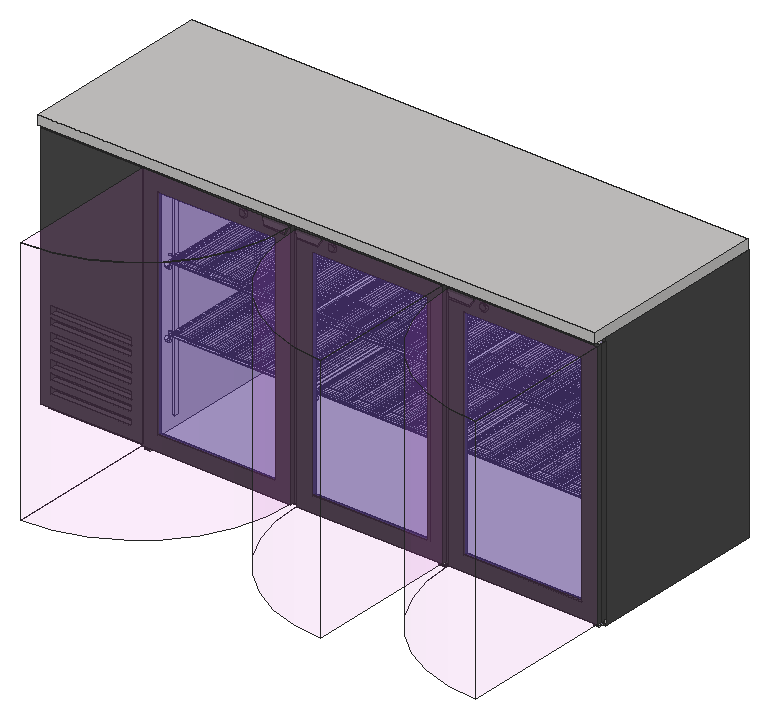
Revit family "QF_True_TBB24-72-3G-Z1-SFT-B-1_Glass_Swing_Door_Back_Bar", category Specialty Equipment, Revit 2021 (continued)
Definition of nested family "TBB24-72-3G-Z1-BST-B-1"
  Forms (in)
    Extrusion 198, solid
      from 4.97058 to 21.84523
    Extrusion 199, solid
      sketch origin (37.5051, 0, -8.5) x (1, 0, 0) y (0, 0, 1)
        loop
          circle (14.90115, 21.72801) r 0.03267
      from 4.97058 to 21.84523
    Extrusion 200, solid
      sketch origin (55.08845, 0, -8.5) x (1, 0, 0) y (0, 0, 1)
        loop
          circle (14.90115, 21.72801) r 0.03267
      from 4.97058 to 21.84523
    Extrusion 201, solid
      sketch origin (37.86394, 0, -8.5) x (1, 0, 0) y (0, 0, 1)
        loop
          circle (14.90115, 21.72801) r 0.03267
      from 4.97058 to 21.84523
    Extrusion 202, solid
      sketch origin (38.22279, 0, -8.5) x (1, 0, 0) y (0, 0, 1)
        loop
          circle (14.90115, 21.72801) r 0.03267
      from 4.97058 to 21.84523
    Extrusion 203, solid
      sketch origin (38.58163, 0, -8.5) x (1, 0, 0) y (0, 0, 1)
        loop
          circle (14.90115, 21.72801) r 0.03267
      from 4.97058 to 21.84523
    Extrusion 204, solid
      sketch origin (38.94047, 0, -8.5) x (1, 0, 0) y (0, 0, 1)
        loop
          circle (14.90115, 21.72801) r 0.03267
      from 4.97058 to 21.84523
    Extrusion 205, solid
      sketch origin (39.29932, 0, -8.5) x (1, 0, 0) y (0, 0, 1)
        loop
          circle (14.90115, 21.72801) r 0.03267
      from 4.97058 to 21.84523
    Extrusion 206, solid
      sketch origin (39.65816, 0, -8.5) x (1, 0, 0) y (0, 0, 1)
        loop
          circle (14.90115, 21.72801) r 0.03267
      from 4.97058 to 21.84523
    Extrusion 207, solid
      sketch origin (40.01701, 0, -8.5) x (1, 0, 0) y (0, 0, 1)
        loop
          circle (14.90115, 21.72801) r 0.03267
      from 4.97058 to 21.84523
    Extrusion 208, solid
      sketch origin (40.37585, 0, -8.5) x (1, 0, 0) y (0, 0, 1)
        loop
          circle (14.90115, 21.72801) r 0.03267
      from 4.97058 to 21.84523
    Extrusion 209, solid
      sketch origin (40.73469, 0, -8.5) x (1, 0, 0) y (0, 0, 1)
        loop
          circle (14.90115, 21.72801) r 0.03267
      from 4.97058 to 21.84523
    Extrusion 210, solid
      sketch origin (41.09354, 0, -8.5) x (1, 0, 0) y (0, 0, 1)
        loop
          circle (14.90115, 21.72801) r 0.03267
      from 4.97058 to 21.84523
    Extrusion 211, solid
      sketch origin (41.45238, 0, -8.5) x (1, 0, 0) y (0, 0, 1)
        loop
          circle (14.90115, 21.72801) r 0.03267
      from 4.97058 to 21.84523
    Extrusion 212, solid
      sketch origin (41.81122, 0, -8.5) x (1, 0, 0) y (0, 0, 1)
        loop
          circle (14.90115, 21.72801) r 0.03267
      from 4.97058 to 21.84523
    Extrusion 213, solid
      sketch origin (42.17007, 0, -8.5) x (1, 0, 0) y (0, 0, 1)
        loop
          circle (14.90115, 21.72801) r 0.03267
      from 4.97058 to 21.84523
    Extrusion 214, solid
      sketch origin (42.52891, 0, -8.5) x (1, 0, 0) y (0, 0, 1)
        loop
          circle (14.90115, 21.72801) r 0.03267
      from 4.97058 to 21.84523
    Extrusion 215, solid
      sketch origin (42.88776, 0, -8.5) x (1, 0, 0) y (0, 0, 1)
        loop
          circle (14.90115, 21.72801) r 0.03267
      from 4.97058 to 21.84523
    Extrusion 216, solid
      sketch origin (43.2466, 0, -8.5) x (1, 0, 0) y (0, 0, 1)
        loop
          circle (14.90115, 21.72801) r 0.03267
      from 4.97058 to 21.84523
    Extrusion 217, solid
      sketch origin (43.60544, 0, -8.5) x (1, 0, 0) y (0, 0, 1)
        loop
          circle (14.90115, 21.72801) r 0.03267
      from 4.97058 to 21.84523
    Extrusion 218, solid
      sketch origin (43.96429, 0, -8.5) x (1, 0, 0) y (0, 0, 1)
        loop
          circle (14.90115, 21.72801) r 0.03267
      from 4.97058 to 21.84523
    Extrusion 219, solid
      sketch origin (44.32313, 0, -8.5) x (1, 0, 0) y (0, 0, 1)
        loop
          circle (14.90115, 21.72801) r 0.03267
      from 4.97058 to 21.84523
    Extrusion 220, solid
      sketch origin (44.68198, 0, -8.5) x (1, 0, 0) y (0, 0, 1)
        loop
          circle (14.90115, 21.72801) r 0.03267
      from 4.97058 to 21.84523
    Extrusion 221, solid
      sketch origin (45.04082, 0, -8.5) x (1, 0, 0) y (0, 0, 1)
        loop
          circle (14.90115, 21.72801) r 0.03267
      from 4.97058 to 21.84523
    Extrusion 222, solid
      sketch origin (45.39966, 0, -8.5) x (1, 0, 0) y (0, 0, 1)
        loop
          circle (14.90115, 21.72801) r 0.03267
      from 4.97058 to 21.84523
    Extrusion 223, solid
      sketch origin (45.75851, 0, -8.5) x (1, 0, 0) y (0, 0, 1)
        loop
          circle (14.90115, 21.72801) r 0.03267
      from 4.97058 to 21.84523
    Extrusion 224, solid
      sketch origin (46.11735, 0, -8.5) x (1, 0, 0) y (0, 0, 1)
        loop
          circle (14.90115, 21.72801) r 0.03267
      from 4.97058 to 21.84523
    Extrusion 225, solid
      sketch origin (46.47619, 0, -8.5) x (1, 0, 0) y (0, 0, 1)
        loop
          circle (14.90115, 21.72801) r 0.03267
      from 4.97058 to 21.84523
    Extrusion 226, solid
      sketch origin (46.83504, 0, -8.5) x (1, 0, 0) y (0, 0, 1)
        loop
          circle (14.90115, 21.72801) r 0.03267
      from 4.97058 to 21.84523
    Extrusion 227, solid
      sketch origin (47.19388, 0, -8.5) x (1, 0, 0) y (0, 0, 1)
        loop
          circle (14.90115, 21.72801) r 0.03267
      from 4.97058 to 21.84523
    Extrusion 228, solid
      sketch origin (47.55273, 0, -8.5) x (1, 0, 0) y (0, 0, 1)
        loop
          circle (14.90115, 21.72801) r 0.03267
      from 4.97058 to 21.84523
    Extrusion 229, solid
      sketch origin (47.91157, 0, -8.5) x (1, 0, 0) y (0, 0, 1)
        loop
          circle (14.90115, 21.72801) r 0.03267
      from 4.97058 to 21.84523
    Extrusion 230, solid
      sketch origin (48.27041, 0, -8.5) x (1, 0, 0) y (0, 0, 1)
        loop
          circle (14.90115, 21.72801) r 0.03267
      from 4.97058 to 21.84523
    Extrusion 231, solid
      sketch origin (48.62926, 0, -8.5) x (1, 0, 0) y (0, 0, 1)
        loop
          circle (14.90115, 21.72801) r 0.03267
      from 4.97058 to 21.84523
    Extrusion 232, solid
      sketch origin (48.9881, 0, -8.5) x (1, 0, 0) y (0, 0, 1)
        loop
          circle (14.90115, 21.72801) r 0.03267
      from 4.97058 to 21.84523
    Extrusion 233, solid
      sketch origin (49.34695, 0, -8.5) x (1, 0, 0) y (0, 0, 1)
        loop
          circle (14.90115, 21.72801) r 0.03267
      from 4.97058 to 21.84523
    Extrusion 234, solid
      sketch origin (49.70579, 0, -8.5) x (1, 0, 0) y (0, 0, 1)
        loop
          circle (14.90115, 21.72801) r 0.03267
      from 4.97058 to 21.84523
    Extrusion 235, solid
      sketch origin (50.06463, 0, -8.5) x (1, 0, 0) y (0, 0, 1)
        loop
          circle (14.90115, 21.72801) r 0.03267
      from 4.97058 to 21.84523
    Extrusion 236, solid
      sketch origin (50.42348, 0, -8.5) x (1, 0, 0) y (0, 0, 1)
        loop
          circle (14.90115, 21.72801) r 0.03267
      from 4.97058 to 21.84523
    Extrusion 237, solid
      sketch origin (50.78232, 0, -8.5) x (1, 0, 0) y (0, 0, 1)
        loop
          circle (14.90115, 21.72801) r 0.03267
      from 4.97058 to 21.84523
    Extrusion 238, solid
      sketch origin (51.14116, 0, -8.5) x (1, 0, 0) y (0, 0, 1)
        loop
          circle (14.90115, 21.72801) r 0.03267
      from 4.97058 to 21.84523
    Extrusion 239, solid
      sketch origin (51.50001, 0, -8.5) x (1, 0, 0) y (0, 0, 1)
        loop
          circle (14.90115, 21.72801) r 0.03267
      from 4.97058 to 21.84523
    Extrusion 240, solid
      sketch origin (51.85885, 0, -8.5) x (1, 0, 0) y (0, 0, 1)
        loop
          circle (14.90115, 21.72801) r 0.03267
      from 4.97058 to 21.84523
    Extrusion 241, solid
      sketch origin (52.2177, 0, -8.5) x (1, 0, 0) y (0, 0, 1)
        loop
          circle (14.90115, 21.72801) r 0.03267
      from 4.97058 to 21.84523
    Extrusion 242, solid
      sketch origin (52.57654, 0, -8.5) x (1, 0, 0) y (0, 0, 1)
        loop
          circle (14.90115, 21.72801) r 0.03267
      from 4.97058 to 21.84523
    Extrusion 243, solid
      sketch origin (52.93538, 0, -8.5) x (1, 0, 0) y (0, 0, 1)
        loop
          circle (14.90115, 21.72801) r 0.03267
      from 4.97058 to 21.84523
    Extrusion 244, solid
      sketch origin (53.29423, 0, -8.5) x (1, 0, 0) y (0, 0, 1)
        loop
          circle (14.90115, 21.72801) r 0.03267
      from 4.97058 to 21.84523
    Extrusion 245, solid
      sketch origin (53.65307, 0, -8.5) x (1, 0, 0) y (0, 0, 1)
        loop
          circle (14.90115, 21.72801) r 0.03267
      from 4.97058 to 21.84523
    Extrusion 246, solid
      sketch origin (54.01191, 0, -8.5) x (1, 0, 0) y (0, 0, 1)
        loop
          circle (14.90115, 21.72801) r 0.03267
      from 4.97058 to 21.84523
    Extrusion 247, solid
      sketch origin (54.37076, 0, -8.5) x (1, 0, 0) y (0, 0, 1)
        loop
          circle (14.90115, 21.72801) r 0.03267
      from 4.97058 to 21.84523
    Extrusion 248, solid
      sketch origin (54.7296, 0, -8.5) x (1, 0, 0) y (0, 0, 1)
        loop
          circle (14.90115, 21.72801) r 0.03267
      from 4.97058 to 21.84523
    Extrusion 249, solid
      sketch origin (18.7788, 0, 0) x (1, 0, 0) y (0, 0, 1)
        loop
          circle (14.90115, 21.72801) r 0.03267
      from 4.97058 to 21.86282
    Extrusion 250, solid
      sketch origin (36.36215, 0, 0) x (1, 0, 0) y (0, 0, 1)
        loop
          circle (14.90115, 21.72801) r 0.03267
      from 4.97058 to 21.86282
    Extrusion 251, solid
      sketch origin (19.13764, 0, 0) x (1, 0, 0) y (0, 0, 1)
        loop
          circle (14.90115, 21.72801) r 0.03267
      from 4.97058 to 21.86282
    Extrusion 252, solid
      sketch origin (19.49649, 0, 0) x (1, 0, 0) y (0, 0, 1)
        loop
          circle (14.90115, 21.72801) r 0.03267
      from 4.97058 to 21.86282
    Extrusion 253, solid
      sketch origin (19.85533, 0, 0) x (1, 0, 0) y (0, 0, 1)
        loop
          circle (14.90115, 21.72801) r 0.03267
      from 4.97058 to 21.86282
    Extrusion 254, solid
      sketch origin (20.21417, 0, 0) x (1, 0, 0) y (0, 0, 1)
        loop
          circle (14.90115, 21.72801) r 0.03267
      from 4.97058 to 21.86282
    Extrusion 255, solid
      sketch origin (20.57302, 0, 0) x (1, 0, 0) y (0, 0, 1)
        loop
          circle (14.90115, 21.72801) r 0.03267
      from 4.97058 to 21.86282
    Extrusion 256, solid
      sketch origin (20.93186, 0, 0) x (1, 0, 0) y (0, 0, 1)
        loop
          circle (14.90115, 21.72801) r 0.03267
      from 4.97058 to 21.86282
    Extrusion 257, solid
      sketch origin (21.29071, 0, 0) x (1, 0, 0) y (0, 0, 1)
        loop
          circle (14.90115, 21.72801) r 0.03267
      from 4.97058 to 21.86282
    Extrusion 258, solid
      sketch origin (21.64955, 0, 0) x (1, 0, 0) y (0, 0, 1)
        loop
          circle (14.90115, 21.72801) r 0.03267
      from 4.97058 to 21.86282
    Extrusion 259, solid
      sketch origin (22.00839, 0, 0) x (1, 0, 0) y (0, 0, 1)
        loop
          circle (14.90115, 21.72801) r 0.03267
      from 4.97058 to 21.86282
    Extrusion 260, solid
      sketch origin (22.36724, 0, 0) x (1, 0, 0) y (0, 0, 1)
        loop
          circle (14.90115, 21.72801) r 0.03267
      from 4.97058 to 21.86282
    Extrusion 261, solid
      sketch origin (22.72608, 0, 0) x (1, 0, 0) y (0, 0, 1)
        loop
          circle (14.90115, 21.72801) r 0.03267
      from 4.97058 to 21.86282
    Extrusion 262, solid
      sketch origin (23.08493, 0, 0) x (1, 0, 0) y (0, 0, 1)
        loop
          circle (14.90115, 21.72801) r 0.03267
      from 4.97058 to 21.86282
    Extrusion 263, solid
      sketch origin (23.44377, 0, 0) x (1, 0, 0) y (0, 0, 1)
        loop
          circle (14.90115, 21.72801) r 0.03267
      from 4.97058 to 21.86282
    Extrusion 264, solid
      sketch origin (23.80261, 0, 0) x (1, 0, 0) y (0, 0, 1)
        loop
          circle (14.90115, 21.72801) r 0.03267
      from 4.97058 to 21.86282
    Extrusion 265, solid
      sketch origin (24.16146, 0, 0) x (1, 0, 0) y (0, 0, 1)
        loop
          circle (14.90115, 21.72801) r 0.03267
      from 4.97058 to 21.86282
    Extrusion 266, solid
      sketch origin (24.5203, 0, 0) x (1, 0, 0) y (0, 0, 1)
        loop
          circle (14.90115, 21.72801) r 0.03267
      from 4.97058 to 21.86282
    Extrusion 267, solid
      sketch origin (24.87914, 0, 0) x (1, 0, 0) y (0, 0, 1)
        loop
          circle (14.90115, 21.72801) r 0.03267
      from 4.97058 to 21.86282
    Extrusion 268, solid
      sketch origin (25.23799, 0, 0) x (1, 0, 0) y (0, 0, 1)
        loop
          circle (14.90115, 21.72801) r 0.03267
      from 4.97058 to 21.86282
    Extrusion 269, solid
      sketch origin (25.59683, 0, 0) x (1, 0, 0) y (0, 0, 1)
        loop
          circle (14.90115, 21.72801) r 0.03267
      from 4.97058 to 21.86282
    Extrusion 270, solid
      sketch origin (25.95568, 0, 0) x (1, 0, 0) y (0, 0, 1)
        loop
          circle (14.90115, 21.72801) r 0.03267
      from 4.97058 to 21.86282
    Extrusion 271, solid
      sketch origin (26.31452, 0, 0) x (1, 0, 0) y (0, 0, 1)
        loop
          circle (14.90115, 21.72801) r 0.03267
      from 4.97058 to 21.86282
    Extrusion 272, solid
      sketch origin (26.67336, 0, 0) x (1, 0, 0) y (0, 0, 1)
        loop
          circle (14.90115, 21.72801) r 0.03267
      from 4.97058 to 21.86282
    Extrusion 273, solid
      sketch origin (27.03221, 0, 0) x (1, 0, 0) y (0, 0, 1)
        loop
          circle (14.90115, 21.72801) r 0.03267
      from 4.97058 to 21.86282
    Extrusion 274, solid
      sketch origin (27.39105, 0, 0) x (1, 0, 0) y (0, 0, 1)
        loop
          circle (14.90115, 21.72801) r 0.03267
      from 4.97058 to 21.86282
    Extrusion 275, solid
      sketch origin (27.7499, 0, 0) x (1, 0, 0) y (0, 0, 1)
        loop
          circle (14.90115, 21.72801) r 0.03267
      from 4.97058 to 21.86282
    Extrusion 276, solid
      sketch origin (28.10874, 0, 0) x (1, 0, 0) y (0, 0, 1)
        loop
          circle (14.90115, 21.72801) r 0.03267
      from 4.97058 to 21.86282
    Extrusion 277, solid
      sketch origin (28.46758, 0, 0) x (1, 0, 0) y (0, 0, 1)
        loop
          circle (14.90115, 21.72801) r 0.03267
      from 4.97058 to 21.86282
    Extrusion 278, solid
      sketch origin (28.82643, 0, 0) x (1, 0, 0) y (0, 0, 1)
        loop
          circle (14.90115, 21.72801) r 0.03267
      from 4.97058 to 21.86282
    Extrusion 279, solid
      sketch origin (29.18527, 0, 0) x (1, 0, 0) y (0, 0, 1)
        loop
          circle (14.90115, 21.72801) r 0.03267
      from 4.97058 to 21.86282
    Extrusion 280, solid
      sketch origin (29.54411, 0, 0) x (1, 0, 0) y (0, 0, 1)
        loop
          circle (14.90115, 21.72801) r 0.03267
      from 4.97058 to 21.86282
    Extrusion 281, solid
      sketch origin (29.90296, 0, 0) x (1, 0, 0) y (0, 0, 1)
        loop
          circle (14.90115, 21.72801) r 0.03267
      from 4.97058 to 21.86282
    Extrusion 282, solid
      sketch origin (30.2618, 0, 0) x (1, 0, 0) y (0, 0, 1)
        loop
          circle (14.90115, 21.72801) r 0.03267
      from 4.97058 to 21.86282
    Extrusion 283, solid
      sketch origin (30.62065, 0, 0) x (1, 0, 0) y (0, 0, 1)
        loop
          circle (14.90115, 21.72801) r 0.03267
      from 4.97058 to 21.86282
    Extrusion 284, solid
      sketch origin (30.97949, 0, 0) x (1, 0, 0) y (0, 0, 1)
        loop
          circle (14.90115, 21.72801) r 0.03267
      from 4.97058 to 21.86282
    Extrusion 285, solid
      sketch origin (31.33833, 0, 0) x (1, 0, 0) y (0, 0, 1)
        loop
          circle (14.90115, 21.72801) r 0.03267
      from 4.97058 to 21.86282
    Extrusion 286, solid
      sketch origin (31.69718, 0, 0) x (1, 0, 0) y (0, 0, 1)
        loop
          circle (14.90115, 21.72801) r 0.03267
      from 4.97058 to 21.86282
    Extrusion 287, solid
      sketch origin (32.05602, 0, 0) x (1, 0, 0) y (0, 0, 1)
        loop
          circle (14.90115, 21.72801) r 0.03267
      from 4.97058 to 21.86282
    Extrusion 288, solid
      sketch origin (32.41486, 0, 0) x (1, 0, 0) y (0, 0, 1)
        loop
          circle (14.90115, 21.72801) r 0.03267
      from 4.97058 to 21.86282
    Extrusion 289, solid
      sketch origin (32.77371, 0, 0) x (1, 0, 0) y (0, 0, 1)
        loop
          circle (14.90115, 21.72801) r 0.03267
      from 4.97058 to 21.86282
    Extrusion 290, solid
      sketch origin (33.13255, 0, 0) x (1, 0, 0) y (0, 0, 1)
        loop
          circle (14.90115, 21.72801) r 0.03267
      from 4.97058 to 21.86282
    Extrusion 291, solid
      sketch origin (33.4914, 0, 0) x (1, 0, 0) y (0, 0, 1)
        loop
          circle (14.90115, 21.72801) r 0.03267
      from 4.97058 to 21.86282
    Extrusion 292, solid
      sketch origin (33.85024, 0, 0) x (1, 0, 0) y (0, 0, 1)
        loop
          circle (14.90115, 21.72801) r 0.03267
      from 4.97058 to 21.86282
    Extrusion 293, solid
      sketch origin (34.20908, 0, 0) x (1, 0, 0) y (0, 0, 1)
        loop
          circle (14.90115, 21.72801) r 0.03267
      from 4.97058 to 21.86282
    Extrusion 294, solid
      sketch origin (34.56793, 0, 0) x (1, 0, 0) y (0, 0, 1)
        loop
          circle (14.90115, 21.72801) r 0.03267
      from 4.97058 to 21.86282
    Extrusion 295, solid
      sketch origin (34.92677, 0, 0) x (1, 0, 0) y (0, 0, 1)
        loop
          circle (14.90115, 21.72801) r 0.03267
      from 4.97058 to 21.86282
    Extrusion 296, solid
      sketch origin (35.28562, 0, 0) x (1, 0, 0) y (0, 0, 1)
        loop
          circle (14.90115, 21.72801) r 0.03267
      from 4.97058 to 21.86282
    Extrusion 297, solid
      sketch origin (35.64446, 0, 0) x (1, 0, 0) y (0, 0, 1)
        loop
          circle (14.90115, 21.72801) r 0.03267
      from 4.97058 to 21.86282
    Extrusion 298, solid
      sketch origin (36.0033, 0, 0) x (1, 0, 0) y (0, 0, 1)
        loop
          circle (14.90115, 21.72801) r 0.03267
      from 4.97058 to 21.86282
    Extrusion 299, solid
      sketch origin (37.5051, 0, 0) x (1, 0, 0) y (0, 0, 1)
        loop
          circle (14.90115, 21.72801) r 0.03267
      from 4.97058 to 21.86282
    Extrusion 300, solid
      sketch origin (55.08845, 0, 0) x (1, 0, 0) y (0, 0, 1)
        loop
          circle (14.90115, 21.72801) r 0.03267
      from 4.97058 to 21.86282
    Extrusion 301, solid
      sketch origin (37.86394, 0, 0) x (1, 0, 0) y (0, 0, 1)
        loop
          circle (14.90115, 21.72801) r 0.03267
      from 4.97058 to 21.86282
    Extrusion 302, solid
      sketch origin (38.22279, 0, 0) x (1, 0, 0) y (0, 0, 1)
        loop
          circle (14.90115, 21.72801) r 0.03267
      from 4.97058 to 21.86282
    Extrusion 303, solid
      sketch origin (38.58163, 0, 0) x (1, 0, 0) y (0, 0, 1)
        loop
          circle (14.90115, 21.72801) r 0.03267
      from 4.97058 to 21.86282
    Extrusion 304, solid
      sketch origin (38.94047, 0, 0) x (1, 0, 0) y (0, 0, 1)
        loop
          circle (14.90115, 21.72801) r 0.03267
      from 4.97058 to 21.86282
    Extrusion 305, solid
      sketch origin (39.29932, 0, 0) x (1, 0, 0) y (0, 0, 1)
        loop
          circle (14.90115, 21.72801) r 0.03267
      from 4.97058 to 21.86282
    Extrusion 306, solid
      sketch origin (39.65816, 0, 0) x (1, 0, 0) y (0, 0, 1)
        loop
          circle (14.90115, 21.72801) r 0.03267
      from 4.97058 to 21.86282
    Extrusion 307, solid
      sketch origin (40.01701, 0, 0) x (1, 0, 0) y (0, 0, 1)
        loop
          circle (14.90115, 21.72801) r 0.03267
      from 4.97058 to 21.86282
    Extrusion 308, solid
      sketch origin (40.37585, 0, 0) x (1, 0, 0) y (0, 0, 1)
        loop
          circle (14.90115, 21.72801) r 0.03267
      from 4.97058 to 21.86282
    Extrusion 309, solid
      sketch origin (40.73469, 0, 0) x (1, 0, 0) y (0, 0, 1)
        loop
          circle (14.90115, 21.72801) r 0.03267
      from 4.97058 to 21.86282
    Extrusion 310, solid
      sketch origin (41.09354, 0, 0) x (1, 0, 0) y (0, 0, 1)
        loop
          circle (14.90115, 21.72801) r 0.03267
      from 4.97058 to 21.86282
    Extrusion 311, solid
      sketch origin (41.45238, 0, 0) x (1, 0, 0) y (0, 0, 1)
        loop
          circle (14.90115, 21.72801) r 0.03267
      from 4.97058 to 21.86282
    Extrusion 312, solid
      sketch origin (41.81122, 0, 0) x (1, 0, 0) y (0, 0, 1)
        loop
          circle (14.90115, 21.72801) r 0.03267
      from 4.97058 to 21.86282
    Extrusion 313, solid
      sketch origin (42.17007, 0, 0) x (1, 0, 0) y (0, 0, 1)
        loop
          circle (14.90115, 21.72801) r 0.03267
      from 4.97058 to 21.86282
    Extrusion 314, solid
      sketch origin (42.52891, 0, 0) x (1, 0, 0) y (0, 0, 1)
        loop
          circle (14.90115, 21.72801) r 0.03267
      from 4.97058 to 21.86282
    Extrusion 315, solid
      sketch origin (42.88776, 0, 0) x (1, 0, 0) y (0, 0, 1)
        loop
          circle (14.90115, 21.72801) r 0.03267
      from 4.97058 to 21.86282
    Extrusion 316, solid
      sketch origin (43.2466, 0, 0) x (1, 0, 0) y (0, 0, 1)
        loop
          circle (14.90115, 21.72801) r 0.03267
      from 4.97058 to 21.86282
    Extrusion 317, solid
      sketch origin (43.60544, 0, 0) x (1, 0, 0) y (0, 0, 1)
        loop
          circle (14.90115, 21.72801) r 0.03267
      from 4.97058 to 21.86282
    Extrusion 318, solid
      sketch origin (43.96429, 0, 0) x (1, 0, 0) y (0, 0, 1)
        loop
          circle (14.90115, 21.72801) r 0.03267
      from 4.97058 to 21.86282
    Extrusion 319, solid
      sketch origin (44.32313, 0, 0) x (1, 0, 0) y (0, 0, 1)
        loop
          circle (14.90115, 21.72801) r 0.03267
      from 4.97058 to 21.86282
    Extrusion 320, solid
      sketch origin (44.68198, 0, 0) x (1, 0, 0) y (0, 0, 1)
        loop
          circle (14.90115, 21.72801) r 0.03267
      from 4.97058 to 21.86282
    Extrusion 321, solid
      sketch origin (45.04082, 0, 0) x (1, 0, 0) y (0, 0, 1)
        loop
          circle (14.90115, 21.72801) r 0.03267
      from 4.97058 to 21.86282
    Extrusion 322, solid
      sketch origin (45.39966, 0, 0) x (1, 0, 0) y (0, 0, 1)
        loop
          circle (14.90115, 21.72801) r 0.03267
      from 4.97058 to 21.86282
    Extrusion 323, solid
      sketch origin (45.75851, 0, 0) x (1, 0, 0) y (0, 0, 1)
        loop
          circle (14.90115, 21.72801) r 0.03267
      from 4.97058 to 21.86282
    Extrusion 324, solid
      sketch origin (46.11735, 0, 0) x (1, 0, 0) y (0, 0, 1)
        loop
          circle (14.90115, 21.72801) r 0.03267
      from 4.97058 to 21.86282
    Extrusion 325, solid
      sketch origin (46.47619, 0, 0) x (1, 0, 0) y (0, 0, 1)
        loop
          circle (14.90115, 21.72801) r 0.03267
      from 4.97058 to 21.86282
    Extrusion 326, solid
      sketch origin (46.83504, 0, 0) x (1, 0, 0) y (0, 0, 1)
        loop
          circle (14.90115, 21.72801) r 0.03267
      from 4.97058 to 21.86282
    Extrusion 327, solid
      sketch origin (47.19388, 0, 0) x (1, 0, 0) y (0, 0, 1)
        loop
          circle (14.90115, 21.72801) r 0.03267
      from 4.97058 to 21.86282
    Extrusion 328, solid
      sketch origin (47.55273, 0, 0) x (1, 0, 0) y (0, 0, 1)
        loop
          circle (14.90115, 21.72801) r 0.03267
      from 4.97058 to 21.86282
    Extrusion 329, solid
      sketch origin (47.91157, 0, 0) x (1, 0, 0) y (0, 0, 1)
        loop
          circle (14.90115, 21.72801) r 0.03267
      from 4.97058 to 21.86282
    Extrusion 330, solid
      sketch origin (48.27041, 0, 0) x (1, 0, 0) y (0, 0, 1)
        loop
          circle (14.90115, 21.72801) r 0.03267
      from 4.97058 to 21.86282
    Extrusion 331, solid
      sketch origin (48.62926, 0, 0) x (1, 0, 0) y (0, 0, 1)
        loop
          circle (14.90115, 21.72801) r 0.03267
      from 4.97058 to 21.86282
    Extrusion 332, solid
      sketch origin (48.9881, 0, 0) x (1, 0, 0) y (0, 0, 1)
        loop
          circle (14.90115, 21.72801) r 0.03267
      from 4.97058 to 21.86282
    Extrusion 333, solid
      sketch origin (49.34695, 0, 0) x (1, 0, 0) y (0, 0, 1)
        loop
          circle (14.90115, 21.72801) r 0.03267
      from 4.97058 to 21.86282
    Extrusion 334, solid
      sketch origin (49.70579, 0, 0) x (1, 0, 0) y (0, 0, 1)
        loop
          circle (14.90115, 21.72801) r 0.03267
      from 4.97058 to 21.86282
    Extrusion 335, solid
      sketch origin (50.06463, 0, 0) x (1, 0, 0) y (0, 0, 1)
        loop
          circle (14.90115, 21.72801) r 0.03267
      from 4.97058 to 21.86282
    Extrusion 336, solid
      sketch origin (50.42348, 0, 0) x (1, 0, 0) y (0, 0, 1)
        loop
          circle (14.90115, 21.72801) r 0.03267
      from 4.97058 to 21.86282
    Extrusion 337, solid
      sketch origin (50.78232, 0, 0) x (1, 0, 0) y (0, 0, 1)
        loop
          circle (14.90115, 21.72801) r 0.03267
      from 4.97058 to 21.86282
    Extrusion 338, solid
      sketch origin (51.14116, 0, 0) x (1, 0, 0) y (0, 0, 1)
        loop
          circle (14.90115, 21.72801) r 0.03267
      from 4.97058 to 21.86282
    Extrusion 339, solid
      sketch origin (51.50001, 0, 0) x (1, 0, 0) y (0, 0, 1)
        loop
          circle (14.90115, 21.72801) r 0.03267
      from 4.97058 to 21.86282
    Extrusion 340, solid
      sketch origin (51.85885, 0, 0) x (1, 0, 0) y (0, 0, 1)
        loop
          circle (14.90115, 21.72801) r 0.03267
      from 4.97058 to 21.86282
    Extrusion 341, solid
      sketch origin (52.2177, 0, 0) x (1, 0, 0) y (0, 0, 1)
        loop
          circle (14.90115, 21.72801) r 0.03267
      from 4.97058 to 21.86282
    Extrusion 342, solid
      sketch origin (52.57654, 0, 0) x (1, 0, 0) y (0, 0, 1)
        loop
          circle (14.90115, 21.72801) r 0.03267
      from 4.97058 to 21.86282
    Extrusion 343, solid
      sketch origin (52.93538, 0, 0) x (1, 0, 0) y (0, 0, 1)
        loop
          circle (14.90115, 21.72801) r 0.03267
      from 4.97058 to 21.86282
    Extrusion 344, solid
      sketch origin (53.29423, 0, 0) x (1, 0, 0) y (0, 0, 1)
        loop
          circle (14.90115, 21.72801) r 0.03267
      from 4.97058 to 21.86282
    Extrusion 345, solid
      sketch origin (53.65307, 0, 0) x (1, 0, 0) y (0, 0, 1)
        loop
          circle (14.90115, 21.72801) r 0.03267
      from 4.97058 to 21.86282
    Extrusion 346, solid
      sketch origin (54.01191, 0, 0) x (1, 0, 0) y (0, 0, 1)
        loop
          circle (14.90115, 21.72801) r 0.03267
      from 4.97058 to 21.86282
    Extrusion 347, solid
      sketch origin (54.37076, 0, 0) x (1, 0, 0) y (0, 0, 1)
        loop
          circle (14.90115, 21.72801) r 0.03267
      from 4.97058 to 21.86282
    Extrusion 348, solid
      sketch origin (54.7296, 0, 0) x (1, 0, 0) y (0, 0, 1)
        loop
          circle (14.90115, 21.72801) r 0.03267
      from 4.97058 to 21.86282
    Extrusion 349, solid, material <- "Door Finish"
      sketch origin (20.43039, -23.09422, 33.46875) x (0, 0, -1) y (1, 0, 0)
        loop
          line (0.5625, 12.35291) -> (32.78125, 12.35291) -> (32.78125, 31.97791) -> (0.5625, 31.97791) -> (0.5625, 12.35291)
        loop
          line (31.78125, 13.35291) -> (31.78125, 30.97791) -> (1.5625, 30.97791) -> (1.5625, 13.35291) -> (31.78125, 13.35291)
      from 0 to 0.80663
    Blend 350, solid, material <- "Door Finish"
      base sketch origin (63.88621, -24.3696, 33.46875) x (0, 0, -1) y (1, 0, 0)
        loop
          circle (1.15564, -26.16355) r 0.5
      top sketch origin (63.88621, -24.3696, 33.46875) x (0, 0, -1) y (1, 0, 0)
        loop
          circle (1.15564, -26.16355) r 0.39938
      from 0 to 0.12886
    Extrusion 351, solid, material <- "Door Finish"
      sketch origin (64.76326, -23.90085, 33.46875) x (0, 0, -1) y (1, 0, 0)
        loop
          line (0.5625, -12.72791) -> (0.5625, -31.60291) -> (32.78125, -31.60291) -> (32.78125, -12.72791) -> (0.5625, -12.72791)
        loop
          line (2.5625, -29.60291) -> (30.78125, -29.60291) -> (30.78125, -14.72791) -> (2.5625, -14.72791) -> (2.5625, -29.60291)
      from 0 to 0.46875
    Extrusion 352, solid, material <- "Door Finish"
      sketch origin (40.05334, -23.90085, 33.46875) x (0, 0, -1) y (1, 0, 0)
        loop
          line (0.5625, 12.72791) -> (32.78125, 12.72791) -> (32.78125, 31.97791) -> (0.5625, 31.97791) -> (0.5625, 12.72791)
        loop
          line (2.5625, 29.97791) -> (2.5625, 14.72791) -> (30.78125, 14.72791) -> (30.78125, 29.97791) -> (2.5625, 29.97791)
      from 0 to 0.46875
    Extrusion 353, solid, material <- "Door Finish"
      sketch origin (32.40625, -23.52159, 32.30626) x (0, 0, -1) y (0, 1, 0)
        loop
          line (-0.59999, -0.09801) -> (-0.72499, -0.09801) -> (-0.72499, -1.07258) -> (-0.25659, -1.82216) -> (-0.1092, -1.82216) -> (-0.59999, -1.03673) -> (-0.59999, -0.09801)
      from 0 to -3.5
    Extrusion 354, void
      sketch origin (32.40625, -24.59416, 33.03125) x (0, 0.848048, 0.529919) y (1, 0, 0)
        loop
          line (0, -3.5) -> (-1.1776, -2.4866) -> (-1.1776, -3.5) -> (0, -3.5)
      from 0 to 0.25
    Extrusion 355, solid, material <- "Door Finish"
      sketch origin (36.66035, -23.52159, 32.30626) x (0, 0, -1) y (0, 1, 0)
        loop
          line (-0.59999, -0.09801) -> (-0.72499, -0.09801) -> (-0.72499, -1.07258) -> (-0.25659, -1.82216) -> (-0.1092, -1.82216) -> (-0.59999, -1.03673) -> (-0.59999, -0.09801)
      from 0 to -3.5
    Extrusion 356, void
      sketch origin (36.66035, -24.59416, 33.03125) x (0, 0.848048, 0.529919) y (1, 0, 0)
        loop
          line (0, -3.5) -> (-1.1776, -2.4866) -> (-1.1776, -3.5) -> (0, -3.5)
      from 0 to 0.25
    Extrusion 357, solid, material <- "Door Finish"
      sketch origin (56.28125, -23.52159, 32.30626) x (0, 0, -1) y (0, 1, 0)
        loop
          line (-0.59999, -0.09801) -> (-0.72499, -0.09801) -> (-0.72499, -1.07258) -> (-0.25659, -1.82216) -> (-0.1092, -1.82216) -> (-0.59999, -1.03673) -> (-0.59999, -0.09801)
      from 0 to -3.5
    Extrusion 358, void
      sketch origin (56.28125, -24.59416, 33.03125) x (0, 0.848048, 0.529919) y (1, 0, 0)
        loop
          line (0, -3.5) -> (-1.1776, -2.4866) -> (-1.1776, -3.5) -> (0, -3.5)
      from 0 to 0.25
    Extrusion 359, solid
      sketch origin (15.15625, -23.90085, 2.6875) x (1, 0, 0) y (0, 1, 0)
        loop
          line (15.25, -0.10938) -> (0, -0.10938) -> (0, -0.35938) -> (15.25, -0.35938) -> (15.25, -0.10938)
      from 0 to 28.21875
    Extrusion 360, solid
      sketch origin (35.16035, -23.90085, 2.6875) x (1, 0, 0) y (0, 1, 0)
        loop
          line (15.25, -0.10938) -> (0, -0.10938) -> (0, -0.35938) -> (15.25, -0.35938) -> (15.25, -0.10938)
      from 0 to 28.21875
    Extrusion 361, solid
      sketch origin (54.78125, -23.90085, 2.6875) x (1, 0, 0) y (0, 1, 0)
        loop
          line (15.25, -0.10938) -> (0, -0.10938) -> (0, -0.35938) -> (15.25, -0.35938) -> (15.25, -0.10938)
      from 0 to 28.21875
    Extrusion 362, solid, visible <- "Show Door Clearance"
      sketch origin (52.78125, -23.90085, 0.6875) x (0, -1, 0) y (-1, 0, 0)
        loop
          arc (0.46875, 20.375) -> (14.39589, 25.83841) -> (20.20484, 39.625) r 19.25
          line (20.20484, 39.625) -> (0.46875, 39.625) -> (0.46875, 20.375)
      from 0 to -32.21875
    Extrusion 363, solid, visible <- "Show Door Clearance"
      sketch origin (52.78125, -23.90085, 0.6875) x (0, -1, 0) y (-1, 0, 0)
        loop
          line (0.46875, 19.61367) -> (0.46875, 0.7459) -> (20.1929, 0.7459)
          arc (20.1929, 0.7459) -> (14.26761, 14.29526) -> (0.46875, 19.61367) r 19.19983
        loop
          line (0.46875, 0) -> (0.46875, -19.25) -> (20.19556, -19.25)
          arc (20.19556, -19.25) -> (14.40507, -5.45121) -> (0.46875, 0) r 19.19983
      from 0 to -32.21875
  Cuts and joins
    Extrusion 4, Extrusion 10 cuts Extrusion 2
    Extrusion 4 cuts Extrusion 3
    Extrusion 10 cuts Extrusion 8
    joined: Extrusion 8, Extrusion 11
    Extrusion 10 cuts Extrusion 9
    joined: Extrusion 14, Extrusion 15
    Extrusion 354, Extrusion 356 cuts Extrusion 353
    Extrusion 356, Extrusion 358 cuts Extrusion 355
    Extrusion 358 cuts Extrusion 357
  Lines and regions (in)
    Split face 1
      outline origin (0, 0.03125, 0) x (0, 0, 1) y (1, 0, 0)
        loop
          line (18.17708, 10.7061) -> (3.09519, 10.7061) -> (3.09519, 0.9561) -> (18.17708, 0.9561) -> (18.17708, 10.7061)
    Split face 2
      outline origin (0, -24.3696, 32.90625) x (-1, 0, 0) y (0, 0, -1)
        loop
          line (-2.26866, 1.36126) -> (-2.26866, 2.86126) -> (-10.572, 2.86126) -> (-10.572, 1.36126) -> (-2.26866, 1.36126)
    symbolic lines
      curve 1: line (72.03125, 0, 0) -> (0, 0, 0)
      curve 2: line (0, 0, 0) -> (0, -24.875, 0)
      curve 3: line (72.03125, -24.875, 0) -> (72.03125, 0, 0)
      curve 8: line (0, -24.875, 0) -> (72.03125, -24.875, 0)
      curve 11: line (29.73411, -25.34375, 0) -> (29.26536, -24.875, 0)
      curve 12: line (29.73411, -25.34375, 0) -> (32.40625, -25.34375, 0)
      curve 13: line (32.40625, -24.875, 0) -> (32.40625, -25.34375, 0)
      curve 14: line (33.98129, -25.34375, 0) -> (33.51254, -24.875, 0)
      curve 15: line (33.98129, -25.34375, 0) -> (36.65343, -25.34375, 0)
      curve 16: line (36.65343, -24.875, 0) -> (36.65343, -25.34375, 0)
      curve 17: line (53.6022, -25.34375, 0) -> (53.13345, -24.875, 0)
      curve 18: line (53.6022, -25.34375, 0) -> (56.27433, -25.34375, 0)
      curve 19: line (56.27433, -24.875, 0) -> (56.27433, -25.34375, 0)
    symbolic lines, visible <- "Show Door Clearance"
      curve 4: arc (32.41238, -24.875, 0) -> (31.69762, -30.05258, 0) -> (29.61643, -34.84704, 0) r 19.25
      curve 5: arc (35.64278, -34.33925, 0) -> (33.78857, -29.76791, 0) -> (33.16036, -24.875, 0) r 19.19983
      curve 6: arc (55.35127, -34.50519, 0) -> (53.42671, -29.86028, 0) -> (52.77403, -24.875, 0) r 19.19983
      curve 7: line (13.15625, -25.34375, 0) -> (29.61643, -34.84704, 0)
      curve 9: line (52.03535, -24.875, 0) -> (35.64278, -34.33925, 0)
      curve 10: line (72.03125, -24.875, 0) -> (55.35127, -34.50519, 0)
  Dimensions and locks (in)
    equal spacing: plane 3 "LEFT", plane 7 "Center Y", plane 4 "RIGHT"
    "Length": plane 3 "LEFT" to plane 4 "RIGHT"
    equal spacing: plane 5 "FRONT", plane 8 "Center X", plane 1 "BACK"
    "Depth": plane 5 "FRONT" to plane 1 "BACK"
    "Height": plane 6 "TOP" to level
    plane 5 "FRONT" to plane 1 "BACK" = 25 11/32"
    plane 9 to plane 1 "BACK" = 44 3/32"
    plane 5 "FRONT" to plane 9 = 18 3/4"
    plane 1 "BACK" to plane 10 = 24 7/8"
    equal spacing: group 52, group 54, group 55, group 56, group 57, group 58, group 59, group 60, group 61, group 62, group 63, group 64, group 65, group 66, group 67, group 68, group 69, group 70, group 71, group 72, group 73, group 74, group 75, group 76, group 77, group 78, group 79, group 80, group 81, group 82, group 83, group 84, group 85, group 86, group 87, group 88, group 89, group 90, group 91, group 92, group 93, group 94, group 95, group 96, group 97, group 98, group 99, group 100, group 101, group 53  (x3)
    aligned and locked: level to plane 2
  Automatic sketch dimensions
    Extrusion 1 sketch curve to plane 3 "LEFT" = 0"
    plane 4 "RIGHT" to Extrusion 1 sketch curve = 0"
    Extrusion 1 sketch curve to plane 6 "TOP" = 0"
    Extrusion 1 sketch curve to plane 6 "TOP" = 1 1/4"
    Extrusion 2 sketch curve to level = 0"
    Extrusion 2 sketch curve to plane 1 "BACK" = 0"
    Extrusion 2 sketch curve to plane 14 = 1.24899"
    Extrusion 2 sketch curve to plane 6 "TOP" = 1 1/4"
    Extrusion 3 sketch curve to Extrusion 2 = 0"
    Extrusion 3 sketch curve to Extrusion 2 = 9/16"
    Extrusion 3 sketch curve to Extrusion 2 = 0.97992"
    Extrusion 2 to Extrusion 3 sketch curve = 13 5/32"
    Extrusion 3 to Extrusion 4 sketch curve = 1.61339"
    Extrusion 4 sketch curve to Extrusion 4 sketch curve = 0.82714"  (x4)
    Extrusion 4 sketch curve to Extrusion 4 sketch curve = 0.79786"
    Extrusion 4 sketch curve to Extrusion 4 sketch curve = 0.57908"  (x2)
    Extrusion 4 sketch curve to Extrusion 4 sketch curve = 1"  (x3)
    Extrusion 4 sketch curve to Extrusion 4 sketch curve = 0.71878"
    Extrusion 4 sketch curve to Extrusion 4 sketch curve = 0.84378"
    Extrusion 4 sketch curve to Extrusion 4 sketch curve = 0.45408"
    Extrusion 3 to Extrusion 4 sketch curve = 1.27626"  (x2)
    Extrusion 4 sketch curve to Extrusion 4 sketch curve = 0"  (x11)
    Extrusion 3 to Extrusion 4 sketch curve = 1.32665"
    Extrusion 5 sketch curve to Extrusion 2 = 0"
    Extrusion 2 to Extrusion 5 sketch curve = 9/16"
    Extrusion 5 sketch curve to Extrusion 5 sketch curve = 3/4"  (x3)
    Extrusion 5 sketch curve to Extrusion 2 = 13.59037"
    Extrusion 2 to Extrusion 5 sketch curve = 3/4"
    Extrusion 5 sketch curve to Extrusion 5 sketch curve = 0"  (x2)
    Extrusion 5 sketch curve to Extrusion 5 sketch curve = 0.44096"
    Extrusion 5 sketch curve to Extrusion 5 sketch curve = 4.44897"
    Extrusion 5 sketch curve to Extrusion 5 sketch curve = 10.52264"
    Split face 1 sketch curve to Extrusion 5 = 2.53269"
    Split face 1 sketch curve to Extrusion 5 = 2.4513"
    Split face 1 sketch curve to Extrusion 5 = 0.9561"
    Split face 1 sketch curve to Extrusion 5 = 1.31655"
    Extrusion 6 sketch curve to Extrusion 5 = 0.05904"
    Extrusion 5 to Extrusion 6 sketch curve = 0.19096"  (x2)
    Extrusion 6 sketch curve to Extrusion 5 = 0.31699"  (x2)
    Extrusion 6 sketch curve to Extrusion 6 sketch curve = 1/2"  (x2)
    Extrusion 6 sketch curve to Extrusion 6 sketch curve = 1/4"
    Extrusion 6 sketch curve to Extrusion 6 sketch curve = 0.43301"  (x2)
    Extrusion 7 sketch curve to Extrusion 5 = 0.72262"
    Extrusion 7 sketch curve to Extrusion 5 = 1.73005"
    Split face 2 sketch curve to cut or joined group of Extrusion 3, Extrusion 4 = 1.2576"
    Split face 2 sketch curve to cut or joined group of Extrusion 3, Extrusion 4 = 0.9924"
    Split face 2 sketch curve to cut or joined group of Extrusion 3, Extrusion 4 = 1.36126"
    Split face 2 sketch curve to Split face 2 sketch curve = 1 1/2"
    Extrusion 8 sketch curve to Extrusion 2 = 9/16"
    Extrusion 8 sketch curve to Extrusion 8 sketch curve = 1"  (x3)
    Extrusion 8 sketch curve to Extrusion 2 = 1 11/16"
    Extrusion 8 sketch curve to Extrusion 2 = 11/16"
    Extrusion 2 to Extrusion 8 sketch curve = 13 5/32"
    Extrusion 8 sketch curve to Extrusion 8 sketch curve = 17 5/8"
    Extrusion 2 to Extrusion 9 sketch curve = 0"
    Extrusion 9 sketch curve to Extrusion 2 = 9/16"
    Extrusion 9 sketch curve to Extrusion 9 sketch curve = 1"
    Extrusion 9 sketch curve to Extrusion 2 = 1 11/16"
    Extrusion 9 sketch curve to Extrusion 2 = 11/16"
    Extrusion 2 to Extrusion 9 sketch curve = 1"
    Extrusion 9 sketch curve to Extrusion 9 sketch curve = 17 3/16"
    Extrusion 9 sketch curve to Extrusion 9 sketch curve = 1.43545"
    Extrusion 10 sketch curve to plane 12 = 251/256"
    plane 4 "RIGHT" to Extrusion 10 sketch curve = 1 133/256"
    Extrusion 10 sketch curve to plane 14 = 1.24899"
    plane 1 "BACK" to Extrusion 10 sketch curve = 4.34422"
    Extrusion 11 sketch curve to Extrusion 8 = 0"  (x2)
    Extrusion 8 to Extrusion 11 sketch curve = 0"
    Extrusion 8 to Extrusion 11 sketch curve = 1"  (x3)
    Extrusion 8 to Extrusion 11 sketch curve = 1 3/8"
    Extrusion 11 sketch curve to Extrusion 8 = 3/8"
    Blend 12 sketch curve to Extrusion 11 = 0.59314"  (x2)
    Extrusion 11 to Blend 12 sketch curve = 4.18936"  (x2)
    Blend 13 sketch curve to Extrusion 11 = 0.59314"  (x2)
    Extrusion 11 to Blend 13 sketch curve = 24.93936"  (x2)
    Extrusion 14 sketch curve to plane 4 "RIGHT" = 0"
    Extrusion 14 sketch curve to plane 12 = 0"
    plane 4 "RIGHT" to Extrusion 14 sketch curve = 1/8"
    Extrusion 14 sketch curve to Extrusion 14 sketch curve = 0.56872"  (x2)
    Extrusion 14 sketch curve to plane 64 = 0.35763"  (x3)
    Extrusion 14 sketch curve to Extrusion 14 sketch curve = 0.11746"  (x6)
    Extrusion 14 sketch curve to Extrusion 14 sketch curve = 0.27298"  (x3)
    plane 13 to Extrusion 14 sketch curve = 0.33598"
    Extrusion 14 sketch curve to Extrusion 14 sketch curve = 1/8"
    Extrusion 14 sketch curve to plane 64 = 0.27538"
    Extrusion 14 sketch curve to plane 12 = 1.08416"
    Extrusion 14 sketch curve to plane 12 = 1/8"
    Extrusion 14 sketch curve to Extrusion 14 sketch curve = 0.04275"  (x4)
    Extrusion 14 sketch curve to plane 64 = 0.40038"
    Extrusion 14 sketch curve to Extrusion 14 sketch curve = 3/4"  (x3)
    Extrusion 2 to Extrusion 15 sketch curve = 0"
    Extrusion 15 sketch curve to Extrusion 2 = 11/16"  (x3)
    Extrusion 15 sketch curve to Extrusion 2 = 0.28263"  (x3)
    Extrusion 2 to Extrusion 15 sketch curve = 1.0917"
    Extrusion 15 sketch curve to Extrusion 15 sketch curve = 18.5333"
    Extrusion 15 sketch curve to Extrusion 15 sketch curve = 1.0917"  (x2)
    Extrusion 2 to Extrusion 15 sketch curve = 14.24795"
    Extrusion 16 sketch curve to Extrusion 14 = 0.43489"
    Extrusion 16 sketch curve to Extrusion 14 = 0.40936"  (x2)
    Extrusion 16 sketch curve to Extrusion 14 = 0.48393"  (x3)
    Extrusion 17 sketch curve to Extrusion 1 = 1.26471"  (x3)
    Extrusion 1 to Extrusion 17 sketch curve = 0.43489"
    Extrusion 17 sketch curve to Extrusion 17 sketch curve = 19.93545"
    Extrusion 17 sketch curve to Extrusion 1 = 13.56561"
    plane 14 to Extrusion 18 sketch curve = 1"
    Extrusion 18 sketch curve to Extrusion 18 sketch curve = 1/2"  (x2)
    plane 8 "Center X" to Extrusion 18 sketch curve = 5.07665"
    plane 11 to Extrusion 18 sketch curve = 2.90487"  (x2)
    Extrusion 18 sketch curve to plane 6 "TOP" = 4"  (x2)
    Extrusion 19 sketch curve to plane 12 = 2.3189"
    Extrusion 19 sketch curve to Extrusion 19 sketch curve = 1/2"  (x6)
    Extrusion 19 sketch curve to plane 7 "Center Y" = 4.54048"
    Extrusion 19 sketch curve to Extrusion 19 sketch curve = 1.6122"
    plane 13 to Extrusion 19 sketch curve = 1 49/64"
    Extrusion 19 sketch curve to plane 13 = 1 17/64"
    plane 4 "RIGHT" to Extrusion 19 sketch curve = 3 23/64"
    plane 11 to Extrusion 19 sketch curve = 2.90487"  (x5)
    Extrusion 19 sketch curve to Extrusion 19 sketch curve = 0"  (x3)
    Extrusion 19 sketch curve to plane 6 "TOP" = 4"  (x4)
    Sweep 20 sketch curve to plane 14 = 0"
    plane 14 to Sweep 20 sketch curve = 1/2"
    Sweep 20 sketch curve to plane 7 "Center Y" = 3.38438"
    Sweep 20 sketch curve to Sweep 20 sketch curve = 1/2"  (x2)
    Sweep 20 sketch curve to plane 14 = 1/2"
    Sweep 20 sketch curve to plane 12 = 2.13125"  (x2)
    plane 1 "BACK" to Sweep 20 sketch curve = 5.47703"
    Sweep 20 sketch curve to Sweep 20 sketch curve = 1/4"
    profile plane to Sweep 20 sketch curve = 0"
    Sweep 20 sketch curve to profile plane = 0.10817"
    Extrusion 18 to Extrusion 21 sketch curve = 0"
    Extrusion 18 to Extrusion 21 sketch curve = 9.35512"  (x2)
    Extrusion 21 sketch curve to Extrusion 18 = 0.44283"
    Extrusion 21 sketch curve to Extrusion 21 sketch curve = 0.44283"  (x3)
    Extrusion 21 sketch curve to Extrusion 21 sketch curve = 0.13831"  (x2)
    Extrusion 21 sketch curve to Extrusion 21 sketch curve = 54.70733"
    Extrusion 18 to Extrusion 22 sketch curve = 0"
    Extrusion 18 to Extrusion 22 sketch curve = 9.35512"  (x2)
    Extrusion 22 sketch curve to Extrusion 18 = 0.44283"
    Extrusion 22 sketch curve to Extrusion 22 sketch curve = 0.44283"  (x3)
    Extrusion 22 sketch curve to Extrusion 22 sketch curve = 0.13831"  (x2)
    Extrusion 22 sketch curve to Extrusion 22 sketch curve = 54.70733"
    Extrusion 23 sketch curve to Extrusion 19 = 0"
    Extrusion 19 to Extrusion 23 sketch curve = 9.35512"
    Extrusion 23 sketch curve to Extrusion 23 sketch curve = 0.44283"  (x2)
    Extrusion 23 sketch curve to Extrusion 23 sketch curve = 0.13831"
    Extrusion 24 sketch curve to Extrusion 19 = 0"
    Extrusion 19 to Extrusion 24 sketch curve = 9.35512"
    Extrusion 24 sketch curve to Extrusion 24 sketch curve = 0.44283"  (x2)
    Extrusion 24 sketch curve to Extrusion 24 sketch curve = 0.13831"
    plane 1 "BACK" to Extrusion 25 sketch curve = 4.72703"
    Extrusion 25 sketch curve to plane 6 "TOP" = 13.35512"
    Extrusion 25 sketch curve to Extrusion 25 sketch curve = 0.44283"  (x2)
    Extrusion 25 sketch curve to Extrusion 25 sketch curve = 0.13831"
    plane 1 "BACK" to Extrusion 26 sketch curve = 4.72703"
    Extrusion 26 sketch curve to plane 6 "TOP" = 13.35512"
    Extrusion 26 sketch curve to Extrusion 26 sketch curve = 0.44283"  (x2)
    Extrusion 26 sketch curve to Extrusion 26 sketch curve = 0.13831"
    Extrusion 18 to Extrusion 27 sketch curve = 0"
    Extrusion 27 sketch curve to Extrusion 18 = 9.14488"  (x2)
    Extrusion 27 sketch curve to Extrusion 18 = 0.44283"
    Extrusion 27 sketch curve to Extrusion 27 sketch curve = 0.44283"  (x3)
    Extrusion 27 sketch curve to Extrusion 27 sketch curve = 0.13831"  (x2)
    Extrusion 27 sketch curve to Extrusion 27 sketch curve = 54.70733"
    Extrusion 18 to Extrusion 28 sketch curve = 0"
    Extrusion 28 sketch curve to Extrusion 18 = 9.14488"  (x2)
    Extrusion 28 sketch curve to Extrusion 18 = 0.44283"
    Extrusion 28 sketch curve to Extrusion 28 sketch curve = 0.44283"  (x3)
    Extrusion 28 sketch curve to Extrusion 28 sketch curve = 0.13831"  (x2)
    Extrusion 28 sketch curve to Extrusion 28 sketch curve = 54.70733"
    Extrusion 29 sketch curve to Extrusion 19 = 0"
    Extrusion 29 sketch curve to Extrusion 19 = 9.14488"
    Extrusion 29 sketch curve to Extrusion 29 sketch curve = 0.44283"  (x2)
    Extrusion 29 sketch curve to Extrusion 29 sketch curve = 0.13831"
    Extrusion 30 sketch curve to Extrusion 19 = 0"
    Extrusion 30 sketch curve to Extrusion 19 = 9.14488"
    Extrusion 30 sketch curve to Extrusion 30 sketch curve = 0.44283"  (x2)
    Extrusion 30 sketch curve to Extrusion 30 sketch curve = 0.13831"
    plane 1 "BACK" to Extrusion 31 sketch curve = 4.72703"
    plane 11 to Extrusion 31 sketch curve = 12.04975"
    Extrusion 31 sketch curve to Extrusion 31 sketch curve = 0.44283"  (x2)
    Extrusion 31 sketch curve to Extrusion 31 sketch curve = 0.13831"
    plane 1 "BACK" to Extrusion 32 sketch curve = 4.72703"
    plane 11 to Extrusion 32 sketch curve = 12.04975"
    Extrusion 32 sketch curve to Extrusion 32 sketch curve = 0.44283"  (x2)
    Extrusion 32 sketch curve to Extrusion 32 sketch curve = 0.13831"
    Sweep 33 sketch curve to plane 14 = 0"
    plane 14 to Sweep 33 sketch curve = 1/2"
    Sweep 33 sketch curve to plane 7 "Center Y" = 3.38438"
    Sweep 33 sketch curve to Sweep 33 sketch curve = 1/2"  (x2)
    Sweep 33 sketch curve to plane 14 = 1/2"
    Sweep 33 sketch curve to plane 12 = 2.13125"  (x2)
    plane 1 "BACK" to Sweep 33 sketch curve = 5.47703"
    Sweep 33 sketch curve to Sweep 33 sketch curve = 1/4"
    profile plane to Sweep 33 sketch curve = 0"
    Sweep 33 sketch curve to profile plane = 0.10817"
    Extrusion 34 sketch curve to plane 14 = 0"
    Extrusion 34 sketch curve to plane 6 "TOP" = 12.37336"
    Extrusion 35 sketch curve to plane 14 = 0"
    plane 11 to Extrusion 35 sketch curve = 13.03151"
    Extrusion 36 sketch curve to plane 14 = 0"
    Extrusion 36 sketch curve to plane 6 "TOP" = 12.37336"
    Extrusion 37 sketch curve to plane 14 = 0"
    plane 11 to Extrusion 37 sketch curve = 13.03151"
    plane 1 "BACK" to Extrusion 38 sketch curve = 4.72703"
    Extrusion 38 sketch curve to plane 6 "TOP" = 13.35512"
    Extrusion 38 sketch curve to Extrusion 38 sketch curve = 0.44283"  (x2)
    Extrusion 38 sketch curve to Extrusion 38 sketch curve = 0.13831"
    plane 1 "BACK" to Extrusion 39 sketch curve = 4.72703"
    Extrusion 39 sketch curve to plane 6 "TOP" = 13.35512"
    Extrusion 39 sketch curve to Extrusion 39 sketch curve = 0.44283"  (x2)
    Extrusion 39 sketch curve to Extrusion 39 sketch curve = 0.13831"
    plane 1 "BACK" to Extrusion 40 sketch curve = 4.72703"
    plane 11 to Extrusion 40 sketch curve = 12.04975"
    Extrusion 40 sketch curve to Extrusion 40 sketch curve = 0.44283"  (x2)
    Extrusion 40 sketch curve to Extrusion 40 sketch curve = 0.13831"
    plane 1 "BACK" to Extrusion 41 sketch curve = 4.72703"
    plane 11 to Extrusion 41 sketch curve = 12.04975"
    Extrusion 41 sketch curve to Extrusion 41 sketch curve = 0.44283"  (x2)
    Extrusion 41 sketch curve to Extrusion 41 sketch curve = 0.13831"
    Sweep 42 sketch curve to plane 14 = 0"
    plane 14 to Sweep 42 sketch curve = 1/2"
    plane 13 to Sweep 42 sketch curve = 1.025"
    Sweep 42 sketch curve to Sweep 42 sketch curve = 1/2"  (x3)
    Sweep 42 sketch curve to plane 7 "Center Y" = 1.97813"  (x2)
    plane 1 "BACK" to Sweep 42 sketch curve = 5.47703"
    Sweep 42 sketch curve to plane 14 = 1/2"
    profile plane to Sweep 42 sketch curve = 0"
    Sweep 42 sketch curve to profile plane = 0.10817"
    Sweep 43 sketch curve to plane 14 = 0"
    plane 14 to Sweep 43 sketch curve = 1/2"
    plane 13 to Sweep 43 sketch curve = 1.025"
    Sweep 43 sketch curve to Sweep 43 sketch curve = 1/2"  (x3)
    Sweep 43 sketch curve to plane 7 "Center Y" = 1.97813"  (x2)
    plane 1 "BACK" to Sweep 43 sketch curve = 5.47703"
    Sweep 43 sketch curve to plane 14 = 1/2"
    profile plane to Sweep 43 sketch curve = 0"
    Sweep 43 sketch curve to profile plane = 0.10817"
    Sweep 44 sketch curve to plane 14 = 0"
    plane 14 to Sweep 44 sketch curve = 1/2"
    plane 4 "RIGHT" to Sweep 44 sketch curve = 1.9"
    Sweep 44 sketch curve to Sweep 44 sketch curve = 1/2"
    Sweep 44 sketch curve to plane 13 = 0.38125"  (x2)
    plane 13 to Sweep 44 sketch curve = 0.11875"
    plane 1 "BACK" to Sweep 44 sketch curve = 5.47703"
    Sweep 44 sketch curve to plane 14 = 1/2"
    Sweep 44 sketch curve to Sweep 44 sketch curve = 1/4"
    profile plane to Sweep 44 sketch curve = 0"
    Sweep 44 sketch curve to profile plane = 0.10817"
    Sweep 45 sketch curve to plane 14 = 0"
    plane 14 to Sweep 45 sketch curve = 1/2"
    plane 4 "RIGHT" to Sweep 45 sketch curve = 1.9"
    Sweep 45 sketch curve to Sweep 45 sketch curve = 1/2"
    Sweep 45 sketch curve to plane 13 = 0.38125"  (x2)
    plane 13 to Sweep 45 sketch curve = 0.11875"
    plane 1 "BACK" to Sweep 45 sketch curve = 5.47703"
    Sweep 45 sketch curve to plane 14 = 1/2"
    Sweep 45 sketch curve to Sweep 45 sketch curve = 1/4"
    profile plane to Sweep 45 sketch curve = 0"
    Sweep 45 sketch curve to profile plane = 0.10817"
    plane 14 to Extrusion 46 sketch curve = 1"
    Extrusion 46 sketch curve to Extrusion 46 sketch curve = 1/2"  (x2)
    plane 8 "Center X" to Extrusion 46 sketch curve = 5.07665"
    plane 11 to Extrusion 46 sketch curve = 2.90487"  (x2)
    Extrusion 46 sketch curve to plane 6 "TOP" = 4"  (x2)
    Extrusion 47 sketch curve to plane 14 = 0"
    Extrusion 47 sketch curve to plane 6 "TOP" = 12.37336"
    Extrusion 48 sketch curve to plane 14 = 0"
    plane 11 to Extrusion 48 sketch curve = 13.03151"
    Extrusion 349 sketch curve to Extrusion 2 = 9/16"
    Extrusion 349 sketch curve to Extrusion 349 sketch curve = 1"  (x3)
    Extrusion 349 sketch curve to Extrusion 2 = 1 11/16"
    Extrusion 349 sketch curve to Extrusion 2 = 11/16"
    Extrusion 2 to Extrusion 349 sketch curve = 32.7833"
    Extrusion 349 sketch curve to Extrusion 349 sketch curve = 17 5/8"
    Blend 350 sketch curve to Extrusion 11 = 0.59314"  (x2)
    Extrusion 11 to Blend 350 sketch curve = 5 81/256"  (x2)
    Extrusion 351 sketch curve to Extrusion 8 = 0"  (x2)
    Extrusion 8 to Extrusion 351 sketch curve = 1"  (x2)
    Extrusion 8 to Extrusion 351 sketch curve = 0.3791"
    Extrusion 8 to Extrusion 351 sketch curve = 2.3791"
    Extrusion 351 sketch curve to Extrusion 351 sketch curve = 14 7/8"
    Extrusion 351 sketch curve to Extrusion 351 sketch curve = 2"
    Extrusion 352 sketch curve to Extrusion 8 = 0"  (x2)
    Extrusion 8 to Extrusion 352 sketch curve = 1"  (x2)
    Extrusion 8 to Extrusion 352 sketch curve = 20"
    Extrusion 352 sketch curve to Extrusion 352 sketch curve = 2"  (x2)
    Extrusion 352 sketch curve to Extrusion 352 sketch curve = 15 1/4"
    Extrusion 353 sketch curve to plane 5 "FRONT" = 0"
    plane 64 to Extrusion 353 sketch curve = 0.22457"
    Extrusion 353 sketch curve to plane 6 "TOP" = 1 11/16"
    Extrusion 353 sketch curve to Extrusion 353 sketch curve = 1/8"
    Extrusion 353 sketch curve to Extrusion 353 sketch curve = 0.34339"
    Extrusion 353 sketch curve to Extrusion 353 sketch curve = 0.1474"
    Extrusion 353 sketch curve to Extrusion 353 sketch curve = 0.03584"
    Extrusion 353 sketch curve to plane 64 = 3/4"
    Extrusion 354 sketch curve to Extrusion 353 = 0"  (x2)
    Extrusion 354 sketch curve to Extrusion 353 = 0.2937"
    Extrusion 354 sketch curve to Extrusion 353 = 1.0134"
    Extrusion 355 sketch curve to plane 5 "FRONT" = 0"
    plane 64 to Extrusion 355 sketch curve = 0.22457"
    Extrusion 355 sketch curve to plane 6 "TOP" = 1 11/16"
    Extrusion 355 sketch curve to Extrusion 355 sketch curve = 1/8"
    Extrusion 355 sketch curve to Extrusion 355 sketch curve = 0.34339"
    Extrusion 355 sketch curve to Extrusion 355 sketch curve = 0.1474"
    Extrusion 355 sketch curve to Extrusion 355 sketch curve = 0.03584"
    Extrusion 355 sketch curve to plane 64 = 3/4"
    Extrusion 353 to Extrusion 356 sketch curve = 0"
    Extrusion 356 sketch curve to Extrusion 353 = 0.2937"
    Extrusion 353 to Extrusion 356 sketch curve = 0.7541"
    Extrusion 356 sketch curve to Extrusion 356 sketch curve = 1.0134"
    Extrusion 357 sketch curve to plane 5 "FRONT" = 0"
    plane 64 to Extrusion 357 sketch curve = 0.22457"
    Extrusion 357 sketch curve to plane 6 "TOP" = 1 11/16"
    Extrusion 357 sketch curve to Extrusion 357 sketch curve = 1/8"
    Extrusion 357 sketch curve to Extrusion 357 sketch curve = 0.34339"
    Extrusion 357 sketch curve to Extrusion 357 sketch curve = 0.1474"
    Extrusion 357 sketch curve to Extrusion 357 sketch curve = 0.03584"
    Extrusion 357 sketch curve to plane 64 = 3/4"
    Extrusion 353 to Extrusion 358 sketch curve = 0"
    Extrusion 358 sketch curve to Extrusion 353 = 0.2937"
    Extrusion 353 to Extrusion 358 sketch curve = 20 3/8"
    Extrusion 358 sketch curve to Extrusion 358 sketch curve = 1.0134"
    Extrusion 359 sketch curve to Extrusion 11 = 0"  (x2)
    Extrusion 11 to Extrusion 359 sketch curve = 7/64"  (x2)
    Extrusion 11 to Extrusion 360 sketch curve = 7/64"  (x2)
    Extrusion 360 sketch curve to Extrusion 11 = 4.7541"
    Extrusion 360 sketch curve to Extrusion 360 sketch curve = 15 1/4"
    Extrusion 11 to Extrusion 361 sketch curve = 7/64"  (x2)
    Extrusion 361 sketch curve to Extrusion 11 = 24 3/8"
    Extrusion 361 sketch curve to Extrusion 361 sketch curve = 15 1/4"
    Extrusion 362 sketch curve to Extrusion 352 = 0"
    Extrusion 352 to Extrusion 362 sketch curve = 0.48609"
    Extrusion 362 sketch curve to Extrusion 362 sketch curve = 19 1/4"
    Extrusion 362 sketch curve to Extrusion 352 = 39 5/8"
    Extrusion 362 sketch curve to Extrusion 362 sketch curve = 0.00614"
    Extrusion 363 sketch curve to Extrusion 352 = 0"  (x3)
    Extrusion 352 to Extrusion 363 sketch curve = 0"
    Extrusion 352 to Extrusion 363 sketch curve = 0.52707"  (x2)
    Extrusion 352 to Extrusion 363 sketch curve = 0.05741"
    Extrusion 363 sketch curve to Extrusion 352 = 0.7459"
    Extrusion 363 sketch curve to Extrusion 363 sketch curve = 19.19708"
    Extrusion 363 sketch curve to Extrusion 363 sketch curve = 18.86776"
    plane 1 "BACK" to curve 1 = 0"
    curve 1 to plane 3 "LEFT" = 0"
    plane 5 "FRONT" to curve 7 = 0"
    curve 7 to plane 12 = 0"
    plane 5 "FRONT" to curve 12 = 0"
    plane 5 "FRONT" to curve 15 = 0"
    curve 6 to plane 10 = 0"
    plane 5 "FRONT" to curve 18 = 0"
    curve 8 to plane 4 "RIGHT" = 0"
    curve 4 to plane 12 = 0.00614"
    curve 7 to plane 7 "Center Y" = 6.3992"
    curve 12 to plane 7 "Center Y" = 6.28151"
    curve 11 to curve 13 = 2.67214"
    curve 12 to curve 15 = 1.57504"
